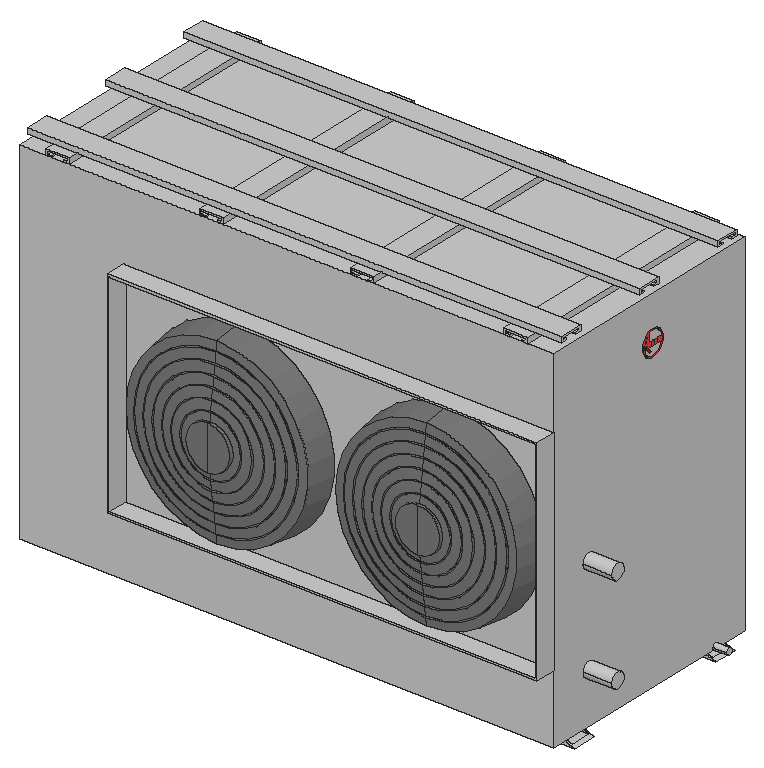
Revit family "Heat Pump-Rheem-A2W-35kW-Horizontal", category Mechanical Equipment, Revit 2020
Family settings
  Round Connector Dimension = Use Radius
  Part Type = Normal
  OmniClass Number = 23.75.10.21
  OmniClass Title = Heat Pumps
  Work Plane-Based = No
  Always vertical = Yes
  Cut with Voids When Loaded = No
  Shared = No
  Room Calculation Point = No
Parameters (values of type "952035HS")
  calcTopSupport = if(Show Top Supports, 37 mm, 0 mm)  # 37 mm
  calcFanGuardDepth = 133 mm  # constant formula
  Width_ANZRS = if(Show Fan Frame, 681 mm, 588 mm)  # 681 mm
  Wattage_ANZRS = 35 kW  # constant formula
  Voltage_ANZRS = 230 V
  URL = "https://www.rheem.com.au/products/commercial/commercial-heat-pumps"
  Type Comments = ""
  SupportInsetSide = 66 mm  # constant formula
  Show Top Supports = yes
  Show Fan Frame = yes
  ProductCode_ANZRS = "952035HS"
  PowerFactor_ANZRS = 1
  PipeInsetSide = 147 mm  # constant formula
  OutletPipeDiameter = 50 mm  # constant formula
  calcOutletPipeRad = if(1 = 1, OutletPipeDiameter / 2, 0 mm)  # 25 mm
  Model = "Rheem Commercial Air to Water Heat Pump – 35kW Ducted & Stacked"
  Material_ANZRS = Rheem-Steel-Grey
  Manufacturer = "Rheem"  # constant formula
  Length_ANZRS = 1805 mm  # constant formula
  InletPipeDiameter = 50 mm  # constant formula
  calcInletPipeRadius = if(1 = 1, InletPipeDiameter / 2, 0 mm)  # 25 mm
  Height_ANZRS = 940 mm  # constant formula
  Description = "Rheem's Commercial Air to Water (A2W) Heat Pump is designed with the commercial user in mind. A truly commercial grade heat pump that delivers hot water at 65°C with a system Coefficient of Performance (COP) up to 4.0. Ducted models are designed to be connected to ducting to convey cold discharge air away from the heat pump air inlet if a sufficient supply of heat energy is not available in the installation area. Stackable models allow horizontal discharge units to be stacked two high for reduced footprint."
  Default Elevation = 0 mm
  CreatedBy_ANZRS = "Design Content"  # constant formula
  CreatedByURL_ANZRS = "https://www.designcontent.com.au/"
  BodyWidth = 807 mm  # constant formula
  Assembly Code = ""
  ApparentLoad_ANZRS = Wattage_ANZRS  # 35 kW
Types (4, lengths in mm): name | calcTopSupport | Width_ANZRS | Show Top Supports | Show Fan Frame | ProductCode_ANZRS | Model | Description
  953035H0 | 0 | 588 | no | no | "953035H0" | "Rheem Commercial Air to Water Heat Pump – 35kW Horizontal Discharge & Non Ducted" | "Rheem's Commercial Air to Water (A2W) Heat Pump is designed with the commercial user in mind. A truly commercial grade heat pump that delivers hot water at 65°C with a system Coefficient of Performance (COP) up to 4.0. Non ducted models are generally designed for outdoor installations. Non ducted models may be installed indoors, without ducting, if a sufficient supply of heat energy is available."
  953035HS | 37 | 588 | yes | no | "953035HS" | "Rheem Commercial Air to Water Heat Pump – 35kW Non Ducted & Stacked" | "Rheem's Commercial Air to Water (A2W) Heat Pump is designed with the commercial user in mind. A truly commercial grade heat pump that delivers hot water at 65°C with a system Coefficient of Performance (COP) up to 4.0. Non ducted models are generally designed for outdoor installations. Non ducted models may be installed indoors, without ducting, if a sufficient supply of heat energy is available. Stackable models allow horizontal discharge units to be stacked two high for reduced footprint."
  952035H0 | 0 | 681 | no | yes | "952035H0" | "Rheem Commercial Air to Water Heat Pump – 35kW Horizontal Discharge & Ducted" | "Rheem's Commercial Air to Water (A2W) Heat Pump is designed with the commercial user in mind. A truly commercial grade heat pump that delivers hot water at 65°C with a system Coefficient of Performance (COP) up to 4.0. Ducted models are designed to be connected to ducting to convey cold discharge air away from the heat pump air inlet if a sufficient supply of heat energy is not available in the installation area."
  952035HS | 37 | 681 | yes | yes | "952035HS" | "Rheem Commercial Air to Water Heat Pump – 35kW Ducted & Stacked" | "Rheem's Commercial Air to Water (A2W) Heat Pump is designed with the commercial user in mind. A truly commercial grade heat pump that delivers hot water at 65°C with a system Coefficient of Performance (COP) up to 4.0. Ducted models are designed to be connected to ducting to convey cold discharge air away from the heat pump air inlet if a sufficient supply of heat energy is not available in the installation area. Stackable models allow horizontal discharge units to be stacked two high for reduced footprint."
Reference planes
  plane 1 "Center (Front/Back)": y = 0
  plane 2: z = 0
  plane 3 "Center (Left/Right)": x = 0
  plane 4 "Back": y = 403.5
  plane 5 "Front": y = -403.5
  plane 6 "Left": x = -902.5
  plane 7 "Right": x = 902.5
  plane 8: z = 47
  plane 9 "HEIGHT": z = 1242
  plane 10 "Inlet": z = 222.5
  plane 11 "Outlet": z = 551.5
  plane 12: y = 401.5
  plane 13: x = 846.5
  plane 14: x = -787.5
  plane 15: y = -473.5
  plane 16: x = 1002.5
  plane 17 "Pipe Connectors": y = -256.5
  plane 18: x = -550.5
  plane 19: y = -337.5
  plane 20: y = 337.5
  plane 21 "CompAccess1": y = 227.5
  plane 22 "CompAccess2": y = -330.5
  plane 23: x = 549.5
  plane 24: x = -160.5
  plane 25: z = 23.5
  plane 26: x = 952.5
  plane 27: z = 1279
  plane 28: x = 922.5
Forms (mm)
  Extrusion 1, solid, material "Rheem-Steel-Grey" <- "Material_ANZRS", detail levels medium+fine
    sketch origin (0, 0, 0) x (1, 0, 0) y (0, 1, 0)
      loop
        line (-902.5, 401.5) -> (-902.5, -403.5) -> (902.5, -403.5) -> (902.5, 401.5) -> (-902.5, 401.5)
    from 47 to 1242
  Extrusion 2, solid, material "Rheem-Steel-Grey" <- "Material_ANZRS", detail levels medium+fine
    sketch origin (0, 0, 0) x (1, 0, 0) y (0, 0, 1)
      loop
        line (-902.5, 1242) -> (-902.5, 47) -> (-14.281, 47) -> (902.5, 47) -> (902.5, 1242) -> (-902.5, 1242)
      loop
        line (-787.5, 67) -> (19.5, 67) -> (19.5, 611) -> (-787.5, 611) -> (-787.5, 67)
      loop
        line (-787.5, 1222) -> (-787.5, 631) -> (19.5, 631) -> (19.5, 1222) -> (-787.5, 1222)
      loop
        line (846.5, 1222) -> (39.5, 1222) -> (39.5, 631) -> (846.5, 631) -> (846.5, 1222)
      loop
        line (39.5, 67) -> (846.5, 67) -> (846.5, 611) -> (39.5, 611) -> (39.5, 67)
    from -403.5 to -401.5
  Extrusion 3, solid, material "Rheem-Steel-Grey" <- "Material_ANZRS"
    sketch origin (0, 111.908, 381.979) x (0, -1, 0) y (0, 0, 1)
      loop
        circle (368.408, -159.479) r 25
      loop
        circle (368.408, 169.521) r 25
    from -902.5 to -1002.5
  Extrusion 4, solid, material "Rheem-Steel-Grey" <- "Material_ANZRS", visible <- "Show Fan Frame"
    sketch origin (0, -403.5, 0) x (-1, 0, 0) y (0, 0, -1)
      loop
        line (550.5, -1003.5) -> (550.5, -279.5) -> (-902.5, -279.5) -> (-902.5, -1003.5) -> (550.5, -1003.5)
      loop
        line (545.5, -998.5) -> (545.5, -284.5) -> (-897.5, -284.5) -> (-897.5, -998.5) -> (545.5, -998.5)
    from 0 to 70
  Extrusion 5, solid, material "Rheem-Steel-Grey" <- "Material_ANZRS", detail levels medium+fine
    sketch origin (0, 0, 0) x (1, 0, 0) y (0, 0, 1)
      loop
        line (-902.5, 5) -> (-927.5, 5) -> (-927.5, 0) -> (-897.5, 0) -> (-897.5, 18.5) -> (-827.5, 18.5) -> (-827.5, 0) -> (-797.5, 0) -> (-797.5, 5) -> (-822.5, 5) -> (-822.5, 23.5) -> (-902.5, 23.5) -> (-902.5, 5)
    from -337.5 to 337.5
  Extrusion 6, solid, material "Rheem-Steel-Grey-Perforated", detail levels medium+fine
    sketch origin (-575, 357.5, 0) x (1, 0, 0) y (0, 0, -1)
      loop
        line (1421.5, -1222) -> (1421.5, -631) -> (614.5, -631) -> (614.5, -1222) -> (1421.5, -1222)
      loop
        line (1421.5, -67) -> (614.5, -67) -> (614.5, -611) -> (1421.5, -611) -> (1421.5, -67)
      loop
        line (-212.5, -611) -> (594.5, -611) -> (594.5, -67) -> (-212.5, -67) -> (-212.5, -611)
      loop
        line (594.5, -1222) -> (594.5, -631) -> (-212.5, -631) -> (-212.5, -1222) -> (594.5, -1222)
    from 44 to 46
  Extrusion 7, solid, material "Rheem-Steel-Grey" <- "Material_ANZRS"
    sketch origin (902.5, 0, 0) x (0, -1, 0) y (0, 0, -1)
      loop
        circle (-277.5, -57) r 10
    from 0 to 50
  Extrusion 8, solid, detail levels medium+fine
    sketch origin (-902.5, 0, 425) x (0, -1, 0) y (0, 0, 1)
      loop
        circle (367, 725) r 15
      loop
        circle (367.008, 675) r 15
      loop
        circle (367.008, 625) r 15
      loop
        circle (367.008, 575) r 15
    from 0 to 5
  Extrusion 9, solid, material "Rheem-Steel-Grey" <- "Material_ANZRS", detail levels coarse
    sketch origin (0, 0, 1242) x (-1, 0, 0) y (0, -1, 0)
      loop
        line (902.5, -403.5) -> (902.5, 403.5) -> (-902.5, 403.5) -> (-902.5, -403.5) -> (902.5, -403.5)
    from -1242 to 37
  Extrusion 10, solid, material "Rheem-Steel-Grey" <- "Material_ANZRS", detail levels medium+fine
    sketch origin (0, 0, 0) x (0, 1, 0) y (0, 0, 1)
      loop
        line (362.5, 47) -> (332.5, 47) -> (332.5, 28.5) -> (262.481, 28.5) -> (262.481, 47) -> (232.395, 47) -> (232.395, 42) -> (257.395, 42) -> (257.395, 23.5) -> (337.5, 23.5) -> (337.5, 42) -> (362.5, 42) -> (362.5, 47)
      loop
        line (-232.395, 47) -> (-262.395, 47) -> (-262.395, 28.5) -> (-332.414, 28.5) -> (-332.414, 47) -> (-362.5, 47) -> (-362.5, 42) -> (-337.5, 42) -> (-337.5, 23.5) -> (-257.395, 23.5) -> (-257.395, 42) -> (-232.395, 42) -> (-232.395, 47)
    from -902.5 to 922.5
  Extrusion 11, void
    sketch origin (0, 0, 0) x (-1, 0, 0) y (0, 0, -1)
      loop
        line (-922.5, -23.5) -> (-922.5, -47) -> (-859.96, -47) -> (-922.5, -23.5)
    from -362.5 to 362.5
  Extrusion 12, solid, material "Rheem-Steel-Grey" <- "Material_ANZRS", visible <- "Show Top Supports", detail levels medium+fine
    sketch origin (0, 0, 0) x (1, 0, 0) y (0, 0, 1)
      loop
        line (-815.141, 1242) -> (-795.141, 1242) -> (-795.141, 1247) -> (-810.141, 1247) -> (-810.141, 1255.5) -> (-740.141, 1255.5) -> (-740.141, 1247) -> (-755.141, 1247) -> (-755.141, 1242) -> (-735.141, 1242) -> (-735.141, 1260.5) -> (-815.141, 1260.5) -> (-815.141, 1242)
      loop
        line (735.141, 1242) -> (755.141, 1242) -> (755.141, 1247) -> (740.141, 1247) -> (740.141, 1255.5) -> (810.141, 1255.5) -> (810.141, 1247) -> (795.141, 1247) -> (795.141, 1242) -> (815.141, 1242) -> (815.141, 1260.5) -> (735.141, 1260.5) -> (735.141, 1242)
      loop
        line (-215.141, 1242) -> (-215.141, 1260.5) -> (-295.141, 1260.5) -> (-295.141, 1242) -> (-275.141, 1242) -> (-275.141, 1247) -> (-290.141, 1247) -> (-290.141, 1255.5) -> (-220.141, 1255.5) -> (-220.141, 1247) -> (-235.141, 1247) -> (-235.141, 1242) -> (-215.141, 1242)
      loop
        line (215.141, 1242) -> (235.141, 1242) -> (235.141, 1247) -> (220.141, 1247) -> (220.141, 1255.5) -> (290.141, 1255.5) -> (290.141, 1247) -> (275.141, 1247) -> (275.141, 1242) -> (295.141, 1242) -> (295.141, 1260.5) -> (215.141, 1260.5) -> (215.141, 1242)
    from -403.5 to 403.5
  Extrusion 13, solid, material "Rheem-Steel-Grey" <- "Material_ANZRS", visible <- "Show Top Supports", detail levels medium+fine
    sketch origin (23.5, 184.859, 18.5) x (0, -1, 0) y (0, 0, 1)
      loop
        line (475.134, 1242) -> (495.134, 1242) -> (495.134, 1247) -> (480.134, 1247) -> (480.134, 1255.5) -> (550.134, 1255.5) -> (550.134, 1247) -> (535.134, 1247) -> (535.134, 1242) -> (555.134, 1242) -> (555.134, 1260.5) -> (475.134, 1260.5) -> (475.134, 1242)
      loop
        line (-105.417, 1242) -> (-105.417, 1260.5) -> (-185.417, 1260.5) -> (-185.417, 1242) -> (-165.417, 1242) -> (-165.417, 1247) -> (-180.417, 1247) -> (-180.417, 1255.5) -> (-110.417, 1255.5) -> (-110.417, 1247) -> (-125.417, 1247) -> (-125.417, 1242) -> (-105.417, 1242)
      loop
        line (224.859, 1242) -> (224.859, 1260.5) -> (144.859, 1260.5) -> (144.859, 1242) -> (164.859, 1242) -> (164.859, 1247) -> (149.859, 1247) -> (149.859, 1255.5) -> (219.859, 1255.5) -> (219.859, 1247) -> (204.859, 1247) -> (204.859, 1242) -> (224.859, 1242)
    from -879 to 926
Cuts and joins
  Extrusion 11 cuts Extrusion 1
  Extrusion 11 cuts Extrusion 2
  joined: Extrusion 1, Extrusion 2
  Extrusion 11 cuts Extrusion 9
  Extrusion 11 cuts Extrusion 10
Lines and regions (mm)
  Split face 1
    outline origin (-902.5, 401.5, 1242) x (0, 1, 0) y (0, 0, -1)
      loop
        line (-174, 1) -> (-174, 1194) -> (-732, 1194) -> (-732, 1) -> (-174, 1)
  Split face 2
    outline origin (902.5, 401.5, 47) x (0, 1, 0) y (0, 0, 1)
      loop
        line (-601, 1194) -> (-601, 1) -> (-173, 1) -> (-173, 1194) -> (-601, 1194)
  model lines, detail levels medium+fine
    curve 1: line (702.5, 303.5, 1242) -> (-702.5, 303.5, 1242)
    curve 2: line (802.5, -203.5, 1242) -> (802.5, 203.5, 1242)
    curve 3: line (-702.5, -303.5, 1242) -> (702.5, -303.5, 1242)
    curve 4: line (-802.5, 203.5, 1242) -> (-802.5, -203.5, 1242)
    curve 5: arc (-702.5, 303.5, 1242) -> (-773.211, 274.211, 1242) -> (-802.5, 203.5, 1242) r 100
    curve 6: arc (-802.5, -203.5, 1242) -> (-773.211, -274.211, 1242) -> (-702.5, -303.5, 1242) r 100
    curve 7: arc (802.5, -203.5, 1242) -> (773.211, -274.211, 1242) -> (702.5, -303.5, 1242) r 100
    curve 8: arc (802.5, 203.5, 1242) -> (773.211, 274.211, 1242) -> (702.5, 303.5, 1242) r 100
Dimensions and locks
  equal spacing: plane 6 "Left", plane 3 "Center (Left/Right)", plane 7 "Right"
  equal spacing: plane 4 "Back", plane 1 "Center (Front/Back)", plane 5 "Front"
  "BodyWidth": plane 4 "Back" to plane 5 "Front"
  "Length_ANZRS": plane 6 "Left" to plane 7 "Right"
  locked: plane 10 "Inlet" to plane 25 at 199
  locked: plane 11 "Outlet" to plane 10 "Inlet" at 329
  locked: plane 4 "Back" to plane 12 at 2
  locked: plane 8 to Extrusion 2 sketch curve at 20
  locked: Extrusion 2 sketch curve to plane 9 "HEIGHT" at 20
  locked: plane 16 to plane 7 "Right" at 100
  locked: plane 18 to plane 7 "Right" at 1453
  locked: plane 15 to plane 5 "Front" at 70
  locked: Extrusion 4 sketch curve to Extrusion 4 sketch curve at 5  (x2)
  locked: plane 7 "Right" to Extrusion 4 sketch curve at 5
  locked: Extrusion 4 sketch curve to plane 18 at 5
  locked: Extrusion 4 sketch curve to plane 25 at 256
  "PipeInsetSide": plane 5 "Front" to plane 17 "Pipe Connectors"
  Extrusion 5 sketch curve to plane 6 "Left" to Extrusion 5 sketch curve to Extrusion 5 sketch curve to Extrusion 5 sketch curve to Extrusion 5 sketch curve = 25 mm locked, 5 mm locked, 70 mm locked, 5 mm locked, 25 mm locked
  Extrusion 5 sketch curve to Extrusion 5 sketch curve to plane 2 = 0 mm locked, 5 mm locked
  "SupportInsetSide": plane 5 "Front" to plane 19
  "SupportInsetSide": plane 20 to plane 4 "Back"
  locked: plane 9 "HEIGHT" to Split face 1 sketch curve at 1
  locked: Split face 1 sketch curve to plane 8 at 1
  locked: plane 13 to plane 7 "Right" at 56
  locked: plane 6 "Left" to plane 14 at 115
  locked: plane 9 "HEIGHT" to plane 8 at 1195
  locked: plane 24 to plane 23 at 710
  locked: plane 7 "Right" to plane 23 at 353
  equal spacing: plane 8, plane 25, plane 2
  locked: plane 25 to Extrusion 5 sketch curve at 5
  locked: plane 5 "Front" to Split face 2 sketch curve at 204
  Split face 2 sketch curve to plane 4 "Back" = 175 mm
  locked: plane 9 "HEIGHT" to Split face 2 sketch curve at 1
  locked: Split face 2 sketch curve to plane 8 at 1
  locked: Extrusion 7 sketch curve to plane 8 at 10
  equal spacing: plane 16, plane 26, plane 7 "Right"
  equal spacing: plane 22 "CompAccess2", Extrusion 8 sketch curve, plane 5 "Front"
  locked: plane 9 "HEIGHT" to nested 1 at 150
  locked: plane 8 to Extrusion 10 sketch curve at 5  (x2)
  locked: Extrusion 10 sketch curve to plane 25 at 5  (x2)
  Extrusion 10 sketch curve to plane 20 to Extrusion 10 sketch curve to Extrusion 10 sketch curve to Extrusion 10 sketch curve to Extrusion 10 sketch curve = 25 mm locked, 5 mm locked, 70.019 mm locked, 5.086 mm locked, 25 mm locked
  locked: plane 6 "Left" to plane 28 at 1825
  locked: plane 4 "Back" to Extrusion 7 sketch curve at 126
  locked: plane 22 "CompAccess2" to plane 5 "Front" at 73
  locked: plane 21 "CompAccess1" to plane 22 "CompAccess2" at 558
  equal spacing: plane 21 "CompAccess1", nested 1, plane 22 "CompAccess2"
  Extrusion 10 sketch curve to Extrusion 10 sketch curve to Extrusion 10 sketch curve to Extrusion 10 sketch curve to Extrusion 10 sketch curve to Extrusion 10 sketch curve = 25 mm locked, 5 mm locked, 70.019 mm locked, 5.086 mm locked, 25 mm locked
  locked: Extrusion 4 sketch curve to Extrusion 4 sketch curve at 724
  equal spacing: Extrusion 4, nested 2, Extrusion 4
  plane 9 "HEIGHT" to nested 4 = 150 mm
  equal spacing: Split face 2, nested 4, Split face 2
  locked: plane 8 to plane 2 at 47
  "calcTopSupport": plane 27 to plane 9 "HEIGHT"
  locked: Extrusion 12 sketch curve to plane 9 "HEIGHT" at 18.5  (x4)
  Extrusion 12 sketch curve to Extrusion 12 sketch curve to plane 9 "HEIGHT" = 8.5 mm locked, 5 mm locked  (x4)
  Extrusion 13 sketch curve to Extrusion 13 sketch curve to Extrusion 13 sketch curve to Extrusion 13 sketch curve to plane 9 "HEIGHT" = 5 mm locked, 8.5 mm locked, 5 mm locked, 18.5 mm locked  (x2)
  Extrusion 13 sketch curve to Extrusion 13 sketch curve to Extrusion 13 sketch curve to Extrusion 13 sketch curve to plane 9 "HEIGHT" = 5 mm locked, 8.5 mm locked, 5 mm locked, 18.5 mm
  "calcOutletPipeRad": radius of Extrusion 3 sketch curve
  "calcInletPipeRadius": radius of Extrusion 3 sketch curve
  radius of Extrusion 7 sketch curve = 10 mm
  aligned and locked: level to plane 2
  aligned and locked: Extrusion 1 sketch curve to plane 6 "Left"
  aligned and locked: Extrusion 1 sketch curve to plane 7 "Right"
  aligned and locked: plane 9 "HEIGHT" to Extrusion 1
  aligned and locked: Extrusion 1 to plane 8
  aligned and locked: plane 5 "Front" to Extrusion 1
  aligned and locked: Extrusion 1 sketch curve to plane 12
  aligned and locked: cut or joined group of Extrusion 1, Extrusion 2, Extrusion 11 to plane 12
  aligned and locked: plane 4 "Back" to cut or joined group of Extrusion 1, Extrusion 2, Extrusion 11
  aligned and locked: Extrusion 2 sketch curve to plane 13
  aligned and locked: plane 14 to Extrusion 2 sketch curve
  aligned and locked: plane 18 to Extrusion 4 sketch curve
  aligned and locked: Extrusion 4 sketch curve to plane 7 "Right"
  aligned and locked: Extrusion 3 to plane 7 "Right"
  aligned and locked: Extrusion 4 to plane 15
  aligned and locked: Extrusion 4 to plane 5 "Front"
  aligned and locked: Extrusion 5 sketch curve to plane 6 "Left"
  aligned and locked: plane 2 to Extrusion 5 sketch curve  (x2)
  aligned and locked: Extrusion 5 to plane 19
  aligned and locked: plane 20 to Extrusion 5
  aligned and locked: Split face 1 sketch curve to plane 22 "CompAccess2"
  aligned and locked: Split face 1 sketch curve to plane 21 "CompAccess1"
  aligned and locked: plane 11 "Outlet" to Extrusion 3 sketch curve
  aligned and locked: plane 17 "Pipe Connectors" to Extrusion 3 sketch curve  (x2)
  aligned and locked: plane 10 "Inlet" to Extrusion 3 sketch curve
  aligned and locked: Extrusion 6 to plane 13
  aligned and locked: plane 14 to Extrusion 6
  aligned and locked: Extrusion 6 to plane 12
  aligned and locked: plane 4 "Back" to Extrusion 6
  aligned and locked: cut or joined group of Extrusion 1, Extrusion 2, Extrusion 11 to Extrusion 6
  aligned and locked: plane 24 to nested 2
  aligned and locked: nested 3 to plane 23
  aligned and locked: Extrusion 5 sketch curve to plane 25
  aligned and locked: Extrusion 7 to cut or joined group of Extrusion 1, Extrusion 2, Extrusion 11
  aligned and locked: plane 26 to Extrusion 7
  aligned and locked: Extrusion 8 to cut or joined group of Extrusion 1, Extrusion 2, Extrusion 11
  aligned and locked: Extrusion 9 sketch curve to plane 4 "Back"
  aligned and locked: Extrusion 9 sketch curve to plane 5 "Front"
  aligned and locked: Extrusion 9 sketch curve to plane 7 "Right"
  aligned and locked: Extrusion 9 sketch curve to plane 6 "Left"
  aligned and locked: Extrusion 9 to plane 2
  aligned and locked: plane 27 to Extrusion 9
  aligned and locked: Extrusion 10 sketch curve to plane 25  (x2)
  aligned and locked: plane 6 "Left" to Extrusion 10
  aligned and locked: Extrusion 2 sketch curve to Extrusion 6  (x2)
  aligned and locked: plane 16 to Extrusion 3
  aligned and locked: nested 3 to nested 2
  aligned and locked: Extrusion 11 sketch curve to plane 28
  aligned and locked: plane 5 "Front" to Extrusion 12
  aligned and locked: plane 4 "Back" to Extrusion 12
  aligned and locked: Extrusion 12 sketch curve to Extrusion 12 sketch curve  (x8)
  aligned and locked: Extrusion 13 sketch curve to Extrusion 13 sketch curve  (x6)
  aligned and locked: plane 6 "Left" to Extrusion 13
  aligned and locked: plane 7 "Right" to Extrusion 13
Automatic sketch dimensions
  plane 5 "Front" to Extrusion 1 sketch curve = 0 mm
  plane 6 "Left" to Extrusion 2 sketch curve = 0 mm
  plane 14 to Extrusion 2 sketch curve = 0 mm
  Extrusion 2 sketch curve to plane 8 = 0 mm
  plane 13 to Extrusion 2 sketch curve = 0 mm
  Extrusion 2 sketch curve to plane 7 "Right" = 0 mm
  Extrusion 2 sketch curve to plane 9 "HEIGHT" = 0 mm
  Extrusion 2 sketch curve to plane 3 "Center (Left/Right)" = 14.281 mm
  plane 3 "Center (Left/Right)" to Extrusion 2 sketch curve = 19.5 mm
  Extrusion 2 sketch curve to Extrusion 2 sketch curve = 20 mm  (x2)
  plane 8 to Extrusion 2 sketch curve = 20 mm
  plane 11 "Outlet" to Extrusion 2 sketch curve = 59.5 mm  (x2)
  Extrusion 2 sketch curve to Extrusion 2 sketch curve = 0 mm
  Extrusion 2 sketch curve to plane 9 "HEIGHT" = 20 mm
  curve 4 to Extrusion 2 = 100 mm
  curve 4 to curve 3 = 100 mm
  curve 5 to curve 1 = 100 mm
  curve 3 to Extrusion 2 = 200 mm
  curve 1 to Extrusion 2 = 98 mm
  curve 1 to Extrusion 2 = 200 mm
  curve 7 to curve 2 = 100 mm
  curve 7 to curve 8 = 407 mm
  plane 14 to Extrusion 6 sketch curve = 0 mm  (x2)
  plane 13 to Extrusion 6 sketch curve = 0 mm  (x2)
  plane 3 "Center (Left/Right)" to Extrusion 6 sketch curve = 19.5 mm  (x2)
  Extrusion 6 sketch curve to Extrusion 6 sketch curve = 20 mm  (x3)
  Extrusion 6 sketch curve to plane 9 "HEIGHT" = 20 mm  (x2)
  plane 11 "Outlet" to Extrusion 6 sketch curve = 79.5 mm  (x2)
  Extrusion 6 sketch curve to Extrusion 6 sketch curve = 0 mm  (x2)
  plane 8 to Extrusion 6 sketch curve = 20 mm
  Extrusion 8 sketch curve to plane 19 = 29.508 mm  (x3)
  Extrusion 8 sketch curve to plane 9 "HEIGHT" = 242 mm
  Extrusion 8 sketch curve to Extrusion 8 sketch curve = 50 mm  (x3)
  Extrusion 10 sketch curve to plane 8 = 0 mm  (x4)
  Extrusion 10 sketch curve to plane 19 = 0 mm
  Extrusion 10 sketch curve to plane 20 = 0 mm
  Extrusion 10 sketch curve to plane 8 = 5 mm  (x2)
  Extrusion 11 sketch curve to plane 8 = 0 mm
  Extrusion 11 sketch curve to plane 25 = 0 mm
  Extrusion 11 sketch curve to plane 13 = 13.46 mm
  Extrusion 12 sketch curve to plane 9 "HEIGHT" = 0 mm  (x4)
  plane 14 to Extrusion 12 sketch curve = 27.641 mm
  Extrusion 12 sketch curve to Extrusion 12 sketch curve = 5 mm  (x8)
  plane 14 to Extrusion 12 sketch curve = 7.641 mm
  Extrusion 12 sketch curve to plane 14 = 32.359 mm
  Extrusion 12 sketch curve to Extrusion 12 sketch curve = 15 mm  (x7)
  plane 24 to Extrusion 12 sketch curve = 134.641 mm
  Extrusion 12 sketch curve to Extrusion 12 sketch curve = 40 mm  (x3)
  plane 3 "Center (Left/Right)" to Extrusion 12 sketch curve = 215.141 mm
  plane 13 to Extrusion 12 sketch curve = 111.359 mm
  Extrusion 13 sketch curve to plane 12 = 31.224 mm
  Extrusion 13 sketch curve to Extrusion 13 sketch curve = 5 mm  (x6)
  plane 20 to Extrusion 13 sketch curve = 12.776 mm
  Extrusion 13 sketch curve to plane 20 = 27.224 mm
  Extrusion 13 sketch curve to Extrusion 13 sketch curve = 15 mm  (x5)
  Extrusion 13 sketch curve to plane 1 "Center (Front/Back)" = 40 mm
  plane 1 "Center (Front/Back)" to Extrusion 13 sketch curve = 20 mm
  plane 17 "Pipe Connectors" to Extrusion 13 sketch curve = 33.776 mm
  Extrusion 13 sketch curve to plane 19 = 12.776 mm
  radius of Extrusion 8 sketch curve = 15 mm  (x4)
Nested families
  nested 1: "X_Rheem Logo" at (-902.5, -51.5, 1092) x (0, -1, 0) z (-1, 0, 0), type "Standard", detail levels fine
  nested 2: "X_Rheem_FanGuard" at (-160.5, -403.5, 641.5) x (-1, 0, 0) z (0, -1, 0), type "Standard"
    with FanGuardRad 320 mm, FanGuardHead 10 mm, FanGuardDepth 133 mm
  nested 3: "X_Rheem_FanGuard" at (549.5, -403.5, 641.5) x (-1, 0, 0) z (0, -1, 0), type "Standard"
    with FanGuardRad 320 mm, FanGuardHead 10 mm, FanGuardDepth 133 mm
  nested 4: "X_Rheem Logo" at (902.5, 14.5, 1092) x (0, 1, 0) z (1, 0, 0), type "Standard", detail levels fine
Connectors
  piping at (1002.5, -256.5, 222.5), diameter 50, driven by "calcInletPipeRadius"
    settings: on Extrusion 3, index 9, connector inside diameter 20 mm, connector length 0 mm, flow factor 0, pipe flow 0.0 L/s, pressure drop 0.0 Pa, fitting loss kfactor 0, connector angle 0.00°, fixture units 0, engagement length 0 mm, angle of deflection 0.00°, flow configuration 1, flow direction 1, fitting loss method 0, system type 20, joint type 0, gender type 0, connector reference index -1, connector utility 0, adjustable connector no, is connector primary yes, connector description "Water In"
  piping at (1002.5, -256.5, 222.5), diameter 50, driven by "calcOutletPipeRad"
    settings: on Extrusion 3, index 10, connector inside diameter 20 mm, connector length 0 mm, flow factor 0, pipe flow 0.0 L/s, pressure drop 0.0 Pa, fitting loss kfactor 0, connector angle 0.00°, fixture units 0, engagement length 0 mm, angle of deflection 0.00°, flow configuration 1, flow direction 1, fitting loss method 0, system type 20, joint type 0, gender type 0, connector reference index -1, connector utility 0, adjustable connector no, is connector primary no, connector description "Water In"
  piping at (952.5, 277.5, 57), diameter 20
    settings: on Extrusion 7, index 11, connector inside diameter 609.6 mm, connector length 0 mm, flow factor 0, pipe flow 0.0 L/s, pressure drop 0.0 Pa, fitting loss kfactor 0, connector angle 0.00°, fixture units 0, engagement length 0 mm, angle of deflection 0.00°, flow configuration 1, flow direction 2, fitting loss method 0, system type 16, joint type 0, gender type 0, connector reference index -1, connector utility 0, adjustable connector no, is connector primary no, connector description ""
  electrical at (-902.5, -367, 1150), driven by "Voltage_ANZRS", driven by "ApparentLoad_ANZRS", driven by "PowerFactor_ANZRS"
    settings: on Extrusion 8, index 12, voltage 230 V, apparent load 35 kW, apparent load phase1 0 kW, apparent load phase2 0 kW, apparent load phase3 0 kW, power factor 1, load classification "Power", number of poles 1, system type 30, power factor state 1, is connector primary yes, connector utility no, sub classification motor no, connector description ""
  electrical at (-902.5, -367.008, 1100), driven by "Voltage_ANZRS", driven by "ApparentLoad_ANZRS", driven by "PowerFactor_ANZRS"
    settings: on Extrusion 8, index 13, voltage 230 V, apparent load 35 kW, apparent load phase1 0 kW, apparent load phase2 0 kW, apparent load phase3 0 kW, power factor 1, load classification "Power", number of poles 1, system type 30, power factor state 1, is connector primary no, connector utility no, sub classification motor no, connector description ""
  electrical at (-902.5, -367.008, 1050), driven by "Voltage_ANZRS", driven by "ApparentLoad_ANZRS", driven by "PowerFactor_ANZRS"
    settings: on Extrusion 8, index 14, voltage 230 V, apparent load 35 kW, apparent load phase1 0 kW, apparent load phase2 0 kW, apparent load phase3 0 kW, power factor 1, load classification "Power", number of poles 1, system type 30, power factor state 1, is connector primary no, connector utility no, sub classification motor no, connector description ""
  electrical at (-902.5, -367.008, 1000), driven by "Voltage_ANZRS", driven by "ApparentLoad_ANZRS", driven by "PowerFactor_ANZRS"
    settings: on Extrusion 8, index 15, voltage 230 V, apparent load 35 kW, apparent load phase1 0 kW, apparent load phase2 0 kW, apparent load phase3 0 kW, power factor 1, load classification "Power", number of poles 1, system type 30, power factor state 1, is connector primary no, connector utility no, sub classification motor no, connector description ""
  piping at (1002.5, -256.5, 551.5), diameter 50, driven by "calcInletPipeRadius"
    settings: on Extrusion 3, index 16, connector inside diameter 609.6 mm, connector length 0 mm, flow factor 0, pipe flow 0.0 L/s, pressure drop 0.0 Pa, fitting loss kfactor 0, connector angle 0.00°, fixture units 0, engagement length 0 mm, angle of deflection 0.00°, flow configuration 1, flow direction 2, fitting loss method 0, system type 19, joint type 0, gender type 0, connector reference index -1, connector utility 0, adjustable connector no, is connector primary no, connector description "Water Out"
Definition of nested family "X_Rheem Logo"
  Parameters (values of type "Standard")
    Default Elevation = 1219.2 mm
    Assembly Code = ""
  Reference planes
    plane 1 "Center (Front/Back)": y = 0
    plane 2: z = 0
    plane 3 "Center (Left/Right)": x = 0
  Forms (mm)
    Extrusion 1, solid
      sketch origin (0, 0, 0) x (1, 0, 0) y (0, 1, 0)
        loop
          line (-1219.2, 1219.2) -> (-1219.2, -1219.2) -> (1219.2, -1219.2) -> (1219.2, 1219.2) -> (-1219.2, 1219.2)
      from 0 to -304.8
    Extrusion 2, solid
      sketch origin (0, 0, 0) x (1, 0, 0) y (0, 1, 0)
        loop
          arc (-33.529, -21.813) -> (38.36, -11.338) -> (-16.283, 36.536) r 40
          line (-16.283, 36.536) -> (-16.283, 5.397)
          arc (-16.283, 5.397) -> (-14.75, 6.901) -> (-12.662, 7.405) r 4.033
          arc (-12.662, 7.405) -> (-9.852, 6.403) -> (-8.561, 3.712) r 3.918
          line (-8.561, 3.712) -> (-8.561, -8.033) -> (-11.525, -8.033) -> (-11.525, 1.806)
          arc (-11.525, 1.806) -> (-12.858, 4.057) -> (-15.428, 3.572) r 2.279
          arc (-15.428, 3.572) -> (-15.988, 2.759) -> (-16.246, 1.806) r 2.925
          line (-16.246, 1.806) -> (-16.246, -8.079) -> (-19.645, -8.079) -> (-19.645, 34.843)
          arc (-19.645, 34.843) -> (-26.644, 29.834) -> (-32.41, 23.444) r 40
          arc (-32.41, 23.444) -> (-21.103, 13.87) -> (-28.782, 1.2) r 11.411
          line (-28.782, 1.2) -> (-7.321, -24.919) -> (-11.462, -24.919) -> (-31.83, -0.131) -> (-31.83, -21.813) -> (-33.529, -21.813)
        loop
          line (-35.017, -19.335) -> (-35.017, 19.335)
          arc (-35.017, 19.335) -> (-40, 0) -> (-35.017, -19.335) r 40
        loop
          line (19.37, -8.097) -> (22.563, -8.097) -> (22.563, 2.258)
          spline (22.563, 2.258) -> (22.878, 3.103) -> (23.24, 3.526) -> (23.639, 3.818) -> (24.082, 3.997) -> (24.556, 4.074) -> (25.034, 4.068) -> (25.491, 3.983) -> (25.903, 3.817) -> (26.238, 3.56) -> (26.492, 3.191) -> (26.717, 2.639) -> (26.9, 1.6)
          line (26.9, 1.6) -> (26.9, -8.097) -> (29.854, -8.097) -> (29.854, 2.258)
          spline (29.854, 2.258) -> (30.181, 3.064) -> (30.553, 3.474) -> (30.969, 3.74) -> (31.419, 3.936) -> (31.889, 4.059) -> (32.364, 4.078) -> (32.821, 3.995) -> (33.233, 3.826) -> (33.568, 3.567) -> (33.822, 3.195) -> (34.048, 2.639) -> (34.231, 1.594)
          line (34.231, 1.594) -> (34.231, -8.097) -> (37.174, -8.097) -> (37.174, 3.718)
          spline (37.174, 3.718) -> (36.65, 5.383) -> (35.957, 6.159) -> (35.415, 6.563) -> (34.941, 6.826) -> (34.394, 7.032) -> (33.695, 7.17) -> (32.91, 7.2) -> (32.152, 7.119) -> (31.53, 6.952) -> (31.006, 6.67) -> (30.429, 6.179) -> (29.566, 5.166)
          spline (29.566, 5.166) -> (28.777, 6.078) -> (28.276, 6.494) -> (27.782, 6.788) -> (27.231, 7.014) -> (26.621, 7.177) -> (26.085, 7.261) -> (25.622, 7.26) -> (25.015, 7.185) -> (24.376, 7.012) -> (23.849, 6.722) -> (23.308, 6.304) -> (22.552, 5.275)
          line (22.552, 5.275) -> (22.552, 6.926) -> (19.37, 6.926) -> (19.37, -8.097)
        loop
          line (-4.051, 1.414) -> (2.029, 1.414)
          spline (2.029, 1.414) -> (1.473, 2.786) -> (1.087, 3.377) -> (0.673, 3.834) -> (0.205, 4.224) -> (-0.271, 4.485) -> (-0.868, 4.588) -> (-1.527, 4.548) -> (-2.06, 4.356) -> (-2.438, 4.033) -> (-2.865, 3.608) -> (-3.384, 2.906) -> (-4.051, 1.414)
        loop
          line (-4.095, -1.507) -> (5.029, -1.507)
          spline (5.029, -1.507) -> (4.769, 1.886) -> (4.1, 3.692) -> (3.083, 5.302) -> (1.664, 6.502) -> (-0.127, 7.316) -> (-1.72, 7.317) -> (-3.497, 6.614) -> (-4.898, 5.44) -> (-6.016, 3.817) -> (-6.693, 1.944) -> (-6.954, 0.058) -> (-6.657, -3.194)
          spline (-6.657, -3.194) -> (-5.711, -5.424) -> (-4.777, -6.63) -> (-3.808, -7.465) -> (-2.878, -7.994) -> (-1.873, -8.306) -> (-0.773, -8.411) -> (0.288, -8.278) -> (1.264, -7.907) -> (2.23, -7.346) -> (3.148, -6.594) -> (4.02, -5.578) -> (4.876, -3.596)
          line (4.876, -3.596) -> (1.705, -3.596)
          spline (1.705, -3.596) -> (0.883, -4.78) -> (0.307, -5.189) -> (-0.248, -5.429) -> (-0.802, -5.54) -> (-1.305, -5.525) -> (-1.909, -5.294) -> (-2.514, -4.923) -> (-2.921, -4.547) -> (-3.253, -4.098) -> (-3.591, -3.486) -> (-3.885, -2.641) -> (-4.095, -1.507)
        loop
          line (8.984, 1.152) -> (15.064, 1.152)
          spline (15.064, 1.152) -> (14.509, 2.524) -> (14.123, 3.116) -> (13.708, 3.573) -> (13.241, 3.962) -> (12.764, 4.224) -> (12.168, 4.327) -> (11.508, 4.287) -> (10.975, 4.095) -> (10.598, 3.771) -> (10.171, 3.347) -> (9.652, 2.645) -> (8.984, 1.152)
        loop
          line (8.973, -1.54) -> (18.097, -1.54)
          spline (18.097, -1.54) -> (17.837, 1.853) -> (17.168, 3.659) -> (16.151, 5.269) -> (14.732, 6.469) -> (12.941, 7.283) -> (11.348, 7.285) -> (9.571, 6.581) -> (8.17, 5.407) -> (7.052, 3.785) -> (6.375, 1.911) -> (6.114, 0.026) -> (6.412, -3.226)
          spline (6.412, -3.226) -> (7.357, -5.456) -> (8.291, -6.663) -> (9.26, -7.498) -> (10.191, -8.027) -> (11.195, -8.339) -> (12.295, -8.444) -> (13.356, -8.311) -> (14.332, -7.939) -> (15.298, -7.379) -> (16.217, -6.626) -> (17.088, -5.61) -> (17.944, -3.629)
          line (17.944, -3.629) -> (14.773, -3.629)
          spline (14.773, -3.629) -> (13.951, -4.813) -> (13.375, -5.222) -> (12.82, -5.462) -> (12.266, -5.573) -> (11.763, -5.557) -> (11.159, -5.326) -> (10.555, -4.955) -> (10.147, -4.58) -> (9.816, -4.131) -> (9.477, -3.519) -> (9.183, -2.673) -> (8.973, -1.54)
        loop
          circle (0, 0) r 43
        loop
          arc (-31.817, 3.841) -> (-24.154, 12.033) -> (-31.817, 20.226) r 8.211
          line (-31.817, 20.226) -> (-31.817, 3.841)
      from 0 to 1
  Dimensions and locks
    aligned and locked: plane 2 to Extrusion 1
    aligned and locked: level to Extrusion 1
Definition of nested family "X_Rheem_FanGuard"
  Parameters (values of type "Standard")
    Material = none
    FanGuardRad = 240 mm
    FanGuardHead = 8 mm
    FanGuardDepth = 116 mm
    Default Elevation = 1219.2 mm
  Reference planes
    plane 1 "Center (Front/Back)": y = 0
    plane 2: z = 0
    plane 3 "Center (Left/Right)": x = 0
    plane 4: z = 116
    plane 5: z = 108
    plane 6: y = 240
    plane 7: z = 58
    plane 8: z = 83
  Forms (mm)
    Extrusion 1, solid
      sketch origin (0, 0, 0) x (1, 0, 0) y (0, 1, 0)
        loop
          line (-1219.2, 1219.2) -> (-1219.2, -1219.2) -> (1219.2, -1219.2) -> (1219.2, 1219.2) -> (-1219.2, 1219.2)
      from 0 to -304.8
    Revolve 2, solid, material <- "Material", detail levels fine
      sketch origin (0, 0, 0) x (0, 1, 0) y (0, 0, 1)
        loop
          line (0, 116) -> (0, 0) -> (240, 0) -> (227.216, 83) -> (75, 108) -> (75, 116) -> (0, 116)
        axis (0, 116) -> (0, 0)
      angle from 0 to 360
    Extrusion 3, void
      sketch origin (0, 0, 0) x (1, 0, 0) y (0, 1, 0)
        loop
          circle (0, 0) r 100
        loop
          circle (0, 0) r 105
        loop
          circle (0, 0) r 135
        loop
          circle (0, 0) r 140
        loop
          circle (0, 0) r 170
        loop
          circle (0, 0) r 175
        loop
          circle (0, 0) r 205
        loop
          circle (0, 0) r 210
        loop
          circle (0, 0) r 240
        loop
          circle (0, 0) r 245
        loop
          circle (0, 0) r 275
        loop
          circle (0, 0) r 280
      from 0 to 116
    Extrusion 4, solid, material <- "Material", detail levels coarse+medium
      sketch origin (0, 0, 0) x (1, 0, 0) y (0, 1, 0)
        loop
          circle (0, 0) r 240
      from 0 to 116
  Cuts and joins
    Extrusion 3 cuts Revolve 2
  Dimensions and locks
    "FanGuardRad": plane 6 to plane 1 "Center (Front/Back)"
    "FanGuardDepth": plane 4 to plane 2
    "FanGuardHead": plane 4 to plane 5
    equal spacing: plane 4, plane 7, plane 2
    equal spacing: plane 5, plane 8, plane 7
    locked: plane 6 to Revolve 2 sketch curve at 12.784
    "FanGuardRad": radius of Extrusion 4 sketch curve
    aligned and locked: plane 2 to Extrusion 1
    aligned and locked: level to Extrusion 1
    aligned and locked: Revolve 2 sketch curve to plane 1 "Center (Front/Back)"
    aligned and locked: plane 4 to Extrusion 3
    aligned and locked: Extrusion 3 to level
    aligned and locked: plane 3 "Center (Left/Right)" to Extrusion 4 sketch curve
    aligned and locked: plane 1 "Center (Front/Back)" to Extrusion 4 sketch curve
    aligned and locked: Extrusion 4 to plane 4
    aligned and locked: Extrusion 4 to level
    aligned and locked: plane 8 to Revolve 2 sketch curve
  Automatic sketch dimensions
    Extrusion 1 sketch curve to Extrusion 1 sketch curve = 2438.4 mm  (x2)
    plane 1 "Center (Front/Back)" to Extrusion 3 sketch curve = 0 mm
    Extrusion 3 sketch curve to plane 3 "Center (Left/Right)" = 0 mm
    Revolve 2 sketch curve to plane 1 "Center (Front/Back)" = 0 mm
    Revolve 2 sketch curve to plane 4 = 0 mm
    Revolve 2 sketch curve to plane 5 = 0 mm
    Revolve 2 sketch curve to level = 0 mm
    Revolve 2 sketch curve to plane 6 = 0 mm
    Revolve 2 sketch curve to Revolve 2 sketch curve = 75 mm
    Revolve 2 sketch curve to Revolve 2 sketch curve = 500 mm
    Revolve 2 sketch curve to Revolve 2 sketch curve = 100 mm
    radius of Extrusion 3 sketch curve = 100 mm
